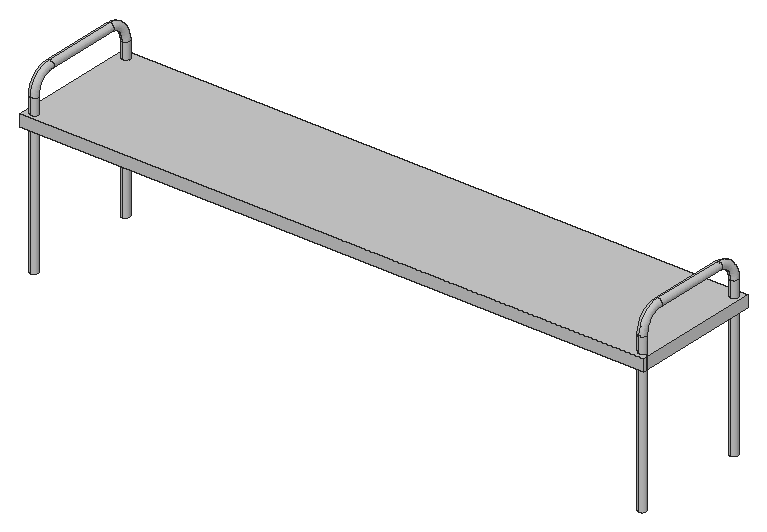
Revit family "QF_INOMAK_RE316_250610100709", category Specialty Equipment, Revit 2021
Family settings
  Round Connector Dimension = Use Diameter
  Part Type = Normal
  OmniClass Number = 23.40.40.14
  OmniClass Title = Food Service Equipment
  Work Plane-Based = No
  Always vertical = Yes
  Cut with Voids When Loaded = No
  Shared = No
  Room Calculation Point = No
Parameters (values of type "RE316")
  Weight [instance] = 8.50032 kg
  Warranty Start Date [instance] = ""
  Warranty Duration [instance] = ""
  URL Recommended Spares List [instance] = ""
  URL Manufacturer [instance] = ""
  URL Cutsheet [instance] = ""
  URL Critical Spares List [instance] = ""
  URL = "www.inomak.com"
  Technical Documentation [instance] = ""
  Tag Number [instance] = ""
  Status [instance] = ""
  Specification by User [instance] = ""
  Specification by Manufacturer [instance] = ""
  Sound Level [instance] = ""
  Show Logo [instance] = yes
  Show Clearances [instance] = yes
  Service Life Duration [instance] = ""
  Serial Number [instance] = ""
  Seismic Rating [instance] = ""
  SMACNA No [instance] = ""
  Revision Code [instance] = ""
  Revision [instance] = ""
  Production Year [instance] = ""
  Point Load [instance] = 0
  Other Equipment Approvals [instance] = ""
  NAFEM Spec ID Number [instance] = ""
  Model Warning [instance] = ""
  Model = "RE316"
  Masterspec [instance] = ""
  Manufacturer = "INOMAK"
  Length Actual [instance] = 1592.072 mm
  Item Number [instance] = ""
  Installed By [instance] = ""
  Installation Date [instance] = ""
  Identify Quantity as Lot [instance] = no
  ID [instance] = ""
  Hygiene Approval [instance] = ""
  Height Actual [instance] = 462.026 mm
  Furnished By [instance] = ""
  Foodservice Equipment Identifier [instance] = no
  ETL Approved [instance] = no
  Description = "TOP FITTED SINGLE SHELF"
  Depth Actual [instance] = 331.978 mm
  Default Elevation = 0 mm
  Cost = 0
  CSI MasterFormat [instance] = ""
  CE Approved [instance] = no
  Barcode [instance] = 0
  Author [instance] = ""
  Asset Identifier [instance] = ""
  Accessory [instance] = no
Reference planes
  plane 1 "Center (Front/Back)": y = 0
  plane 2: z = 0
  plane 3 "Center (Left/Right)": x = 0
Dimensions and locks
  aligned and locked: level to plane 2
Nested families
  nested 1: "QF_INOMAK_GANTRIES_SINGLE_SHELF_2920" at (0, 0, 0), type "RE316"
    with Weight 8.50032 kg, Warranty Start Date "", Warranty Duration "", URL Cutsheet "", Technical Documentation "", Tag Number "", Status "", Specification by User "", Specification by Manufacturer "", Sound Level "", Solid Fuel Type "", Show Logo yes, Show Clearances yes, Service Life Duration "", Serial Number "", Seismic Rating "", SMACNA No "", Revision Code "", Revision "", Production Year "", Point Load 0, Other Equipment Approvals "", NAFEM Spec ID Number "", Model Warning "", Masterspec "", Length Actual 1592.072 mm, Item Number "", Installed By "", Installation Date "", Identify Quantity as Lot yes, ID "", Hygiene Approval "", Height Actual 462.026 mm, Furnished By "", Foodservice Equipment Identifier yes, ETL Approved yes, Depth Actual 331.978 mm, CSI MasterFormat "", CE Approved yes, Barcode "", Author "", Asset Identifier "", Accessory no
Definition of nested family "QF_INOMAK_GANTRIES_SINGLE_SHELF_2920"
  Parameters (values of type "RE318")
    Weight [instance] = 0.00 kg
    Warranty Start Date [instance] = ""
    Warranty Duration [instance] = ""
    URL Cutsheet [instance] = ""
    URL = "www.inomak.com"
    Technical Documentation [instance] = ""
    Tag Number [instance] = ""
    Status [instance] = ""
    Specification by User [instance] = ""
    Specification by Manufacturer [instance] = ""
    Sound Level [instance] = ""
    Solid Fuel Type [instance] = ""
    Show Logo [instance] = yes
    Show Clearances [instance] = yes
    Service Life Duration [instance] = ""
    Serial Number [instance] = ""
    Seismic Rating [instance] = ""
    SMACNA No [instance] = ""
    Revision Code [instance] = ""
    Revision [instance] = ""
    Production Year [instance] = ""
    Point Load [instance] = 0
    Other Equipment Approvals [instance] = ""
    NAFEM Spec ID Number [instance] = ""
    Model Warning [instance] = ""
    Model = "RE318"
    Masterspec [instance] = ""
    Manufacturer = "INOMAK"
    Length Actual [instance] = 1792 mm
    Item Number [instance] = ""
    Installed By [instance] = ""
    Installation Date [instance] = ""
    Identify Quantity as Lot [instance] = yes
    ID [instance] = ""
    Hygiene Approval [instance] = ""
    Height Actual [instance] = 462 mm
    Furnished By [instance] = ""
    Foodservice Equipment Identifier [instance] = yes
    ETL Approved [instance] = yes
    Description = "TOP FITTED SINGLE SHELF"
    Depth Actual [instance] = 332 mm
    Default Elevation = 0 mm
    CSI MasterFormat [instance] = ""
    CE Approved [instance] = yes
    Barcode [instance] = ""
    Author [instance] = ""
    Asset Identifier [instance] = ""
    Assembly Code = "E1090320"
    Accessory [instance] = yes
  Types (5, lengths in mm): name | Model | Length Actual
    RE311 | "RE311" | 1092
    RE314 | "RE314" | 1392
    RE316 | "RE316" | 1592
    RE318 | "RE318" | 1792
    RE319 | "RE319" | 1892
  Reference planes
    plane 1 "Back": y = 0
    plane 2: z = 0
    plane 3 "Left": x = 0
    plane 4 "Right": x = 1792
    plane 5 "Front": y = -332
    plane 6 "Top": z = 462
    plane 7: z = 362
  Forms (mm)
    Extrusion 1, solid
      sketch origin (0, 0, 362) x (0, 1, 0) y (-1, 0, 0)
        loop
          line (0, 0) -> (-332, 0) -> (-332, -1792) -> (0, -1792) -> (0, 0)
      from 0 to -30
    Sweep 2, solid
      path origin (0, 0, 0) x (0, 1, 0) y (0, 0, 1)
        loop
          line (-20, 0) -> (-20, 402)
          arc (-20, 402) -> (-34.645, 437.355) -> (-70, 452) r 50
          line (-70, 452) -> (-262, 452)
          arc (-262, 452) -> (-297.355, 437.355) -> (-312, 402) r 50
          line (-312, 402) -> (-312, 0)
      profile origin (0, -20, 201) x (0, -1, 0) y (1, 0, 0)
        loop
          circle (0, 20) r 10
    Sweep 3, solid
      path origin (1792, -1434.717, 4000) x (0, -1, 0) y (0, 0, 1)
        loop
          line (-1414.717, -4000) -> (-1414.717, -3598)
          arc (-1414.717, -3598) -> (-1400.073, -3562.645) -> (-1364.717, -3548) r 50
          line (-1364.717, -3548) -> (-1172.717, -3548)
          arc (-1172.717, -3548) -> (-1137.362, -3562.645) -> (-1122.717, -3598) r 50
          line (-1122.717, -3598) -> (-1122.717, -4000)
      profile origin (1792, -20, 201) x (0, 1, 0) y (-1, 0, 0)
        loop
          circle (0, 20) r 10
  Lines and regions (mm)
    symbolic lines
      curve 1: line (0, 0, 0) -> (1792, 0, 0)
      curve 2: line (0, -332, 0) -> (0, 0, 0)
      curve 3: line (1792, -332, 0) -> (0, -332, 0)
      curve 4: line (1792, 0, 0) -> (1792, -332, 0)
      curve 5: arc (10, -20, 0) -> (20, -10, 0) -> (30, -20, 0) r 10
      curve 6: arc (10, -312, 0) -> (20, -322, 0) -> (30, -312, 0) r 10
      curve 7: line (30, -312, 0) -> (30, -20, 0)
      curve 8: line (10, -20, 0) -> (10, -312, 0)
      curve 9: arc (1782, -20, 0) -> (1772, -10, 0) -> (1762, -20, 0) r 10
      curve 10: arc (1782, -312, 0) -> (1772, -322, 0) -> (1762, -312, 0) r 10
      curve 11: line (1762, -312, 0) -> (1762, -20, 0)
      curve 12: line (1782, -20, 0) -> (1782, -312, 0)
  Dimensions and locks
    "Length Actual": plane 3 "Left" to plane 4 "Right"
    "Depth Actual": plane 5 "Front" to plane 1 "Back"
    "Height Actual": plane 6 "Top" to plane 2
    locked: plane 6 "Top" to plane 7 at 100
    aligned and locked: level to plane 2
  Automatic sketch dimensions
    Sweep 2 sketch curve to level = 0 mm  (x2)
    plane 5 "Front" to Sweep 2 sketch curve = 20 mm
    Sweep 2 sketch curve to plane 6 "Top" = 10 mm
    plane 5 "Front" to Sweep 2 sketch curve = 70 mm
    plane 1 "Back" to Sweep 2 sketch curve = 70 mm
    plane 1 "Back" to Sweep 2 sketch curve = 20 mm
    Sweep 2 sketch curve to profile plane = 0 mm
    plane 3 "Left" to Sweep 2 sketch curve = 20 mm
    profile plane to Sweep 3 sketch curve = 0 mm
    profile plane to Sweep 3 sketch curve = 20 mm
    Sweep 3 sketch curve to level = 0 mm  (x2)
    plane 1 "Back" to Sweep 3 sketch curve = 20 mm
    Sweep 3 sketch curve to Sweep 3 sketch curve = 50 mm
    plane 5 "Front" to Sweep 3 sketch curve = 70 mm
    plane 5 "Front" to Sweep 3 sketch curve = 20 mm
    Sweep 3 sketch curve to plane 6 "Top" = 60 mm
    Extrusion 1 sketch curve to plane 3 "Left" = 0 mm
    Extrusion 1 sketch curve to plane 5 "Front" = 0 mm
    plane 1 "Back" to Extrusion 1 sketch curve = 0 mm
    Extrusion 1 sketch curve to plane 4 "Right" = 0 mm
    curve 3 to plane 3 "Left" = 0 mm
    curve 3 to plane 4 "Right" = 0 mm
    curve 3 to plane 5 "Front" = 0 mm
    plane 1 "Back" to curve 2 = 0 mm
    plane 3 "Left" to curve 8 = 10 mm
    curve 6 to curve 6 = 10 mm
    plane 4 "Right" to curve 11 = 30 mm
    curve 9 to curve 9 = 10 mm
    plane 5 "Front" to curve 11 = 20 mm
    plane 5 "Front" to curve 7 = 20 mm
    plane 1 "Back" to curve 7 = 20 mm
    plane 1 "Back" to curve 9 = 20 mm
    radius of Sweep 2 sketch curve = 10 mm
    radius of Sweep 3 sketch curve = 10 mm
